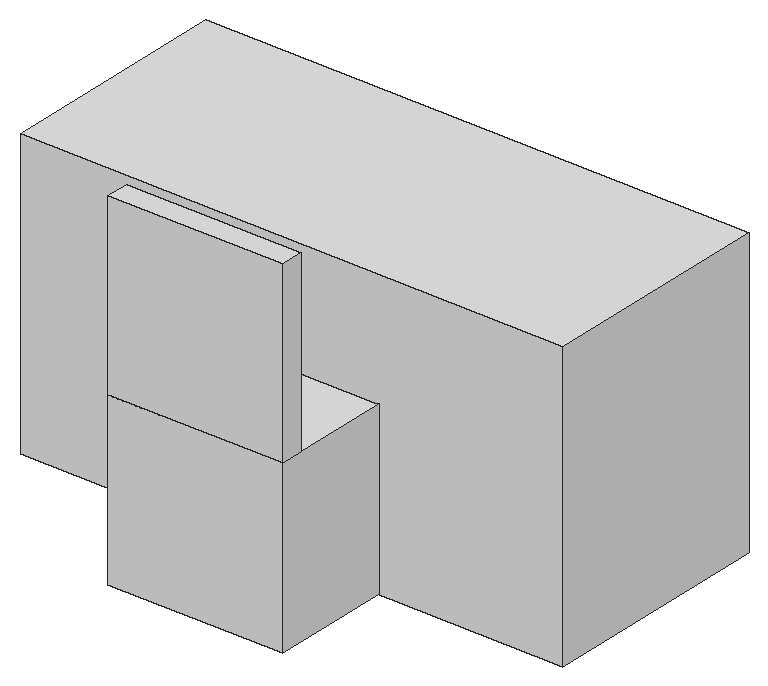
Revit family "LE Desk", category Furniture, Revit 2018
Family settings
  OmniClass Number = 23.40.20.00
  OmniClass Title = General Furniture and Specialties
  Work Plane-Based = No
  Always vertical = Yes
  Cut with Voids When Loaded = No
  Shared = No
  Room Calculation Point = No
Parameters (values of type "1400x600mm Medium Desk")
  Width = 600 mm
  URL = "https://studiole.uk"
  Manufacturer = "LE"
  Length = 1400 mm
  Height = 740 mm
  Circulation [instance] = no
  Circulation Space = 750 mm
  Desk Material = Generic, White
  Chair Pull = 250 mm
  Chair Offset = 350 mm
  Chair Material = Generic, White
Types (4, lengths in mm): name | Width | Length
  1400x600mm Medium Desk | 600 | 1400
  1050x500mm Small Desk | 500 | 1050
  1200x800mm Medium Desk | 800 | 1200
  1600x800mm Large Desk | 800 | 1600
Reference planes
  plane 1 "Center (Front/Back)": y = 0
  plane 2: z = 0
  plane 3 "Center (Left/Right)": x = 0
  plane 4 "Left": x = -700
  plane 5 "Right": x = 700
  plane 6 "Foot": y = -300
  plane 7 "Head": y = 300
  plane 8 "Foot Circulation": y = -1050
  plane 9 "Height": z = 740
Forms (mm)
  Extrusion 1, solid, material "Generic, White" <- "Desk Material"
    sketch origin (0, 0, 0) x (1, 0, 0) y (0, 1, 0)
      loop
        line (-700, 300) -> (-700, -300) -> (700, -300) -> (700, 300) -> (-700, 300)
    from 0 to 740 <- "Height"
Lines and regions (mm)
  model lines, style "FurnitureHiddenLines", visible <- "Circulation"
    curve 1: line (-700, -1050, 0) -> (700, -1050, 0)
Dimensions and locks
  "Width": plane 7 "Head" to plane 6 "Foot"
  equal spacing: plane 7 "Head", plane 1 "Center (Front/Back)", plane 6 "Foot"
  "Length": plane 4 "Left" to plane 5 "Right"
  equal spacing: plane 4 "Left", plane 3 "Center (Left/Right)", plane 5 "Right"
  "Circulation Space": plane 6 "Foot" to plane 8 "Foot Circulation"
  "Height": plane 9 "Height" to plane 2
  "Chair Pull": nested 1 to Extrusion 1
  aligned and locked: level to plane 2
Automatic sketch dimensions
  Extrusion 1 sketch curve to plane 4 "Left" = 0 mm
  Extrusion 1 sketch curve to plane 5 "Right" = 0 mm
  Extrusion 1 sketch curve to plane 6 "Foot" = 0 mm
  Extrusion 1 sketch curve to plane 7 "Head" = 0 mm
  curve 1 to plane 4 "Left" = 0 mm
  curve 1 to plane 5 "Right" = 0 mm
  curve 1 to plane 8 "Foot Circulation" = 0 mm
Nested families
  nested 1: "LE Chair" at (0, -385, 0), type "LE Chair"
Definition of nested family "LE Chair"
  Parameters (values of type "450mm Standard")
    Width = 450 mm
    URL = "https://studiole.uk"
    Seat Height = 440 mm
    Manufacturer = "LE"
    Height = 400 mm
    Depth = 450 mm
    Chair Material = none
    Back Height = 900 mm
  Reference planes
    plane 1 "Center (Front/Back)": y = 0
    plane 2: z = 0
    plane 3 "Center (Left/Right)": x = 0
    plane 4 "Left": x = -225
    plane 5 "Right": x = 225
    plane 6 "Back": y = 225
    plane 7 "Front": y = -225
    plane 8 "Center L/T": y = 165
  Forms (mm)
    Extrusion 1, solid, material <- "Chair Material"
      sketch origin (0, 0, 0) x (1, 0, 0) y (0, 1, 0)
        loop
          line (-225, 225) -> (-225, -225) -> (225, -225) -> (225, 225) -> (-225, 225)
      from 0 to 440 <- "Seat Height"
    Extrusion 2, solid, material <- "Chair Material"
      sketch origin (0, 0, 0) x (1, 0, 0) y (0, 1, 0)
        loop
          line (-225, 165) -> (225, 165) -> (225, 225) -> (-225, 225) -> (-225, 165)
      from 440 <- "Seat Height" to 900 <- "Back Height"
  Dimensions and locks
    equal spacing: plane 4 "Left", plane 3 "Center (Left/Right)", plane 5 "Right"
    "Width": plane 4 "Left" to plane 5 "Right"
    "Depth": plane 7 "Front" to plane 6 "Back"
    equal spacing: plane 7 "Front", plane 1 "Center (Front/Back)", plane 6 "Back"
    plane 6 "Back" to plane 8 "Center L/T" = 60 mm
    aligned and locked: level to plane 2
  Automatic sketch dimensions
    Extrusion 1 sketch curve to plane 4 "Left" = 0 mm
    Extrusion 1 sketch curve to plane 5 "Right" = 0 mm
    plane 7 "Front" to Extrusion 1 sketch curve = 0 mm
    Extrusion 1 sketch curve to plane 6 "Back" = 0 mm
    Extrusion 2 sketch curve to plane 4 "Left" = 0 mm
    Extrusion 2 sketch curve to plane 5 "Right" = 0 mm
    Extrusion 2 sketch curve to plane 8 "Center L/T" = 0 mm
    Extrusion 2 sketch curve to plane 6 "Back" = 0 mm
